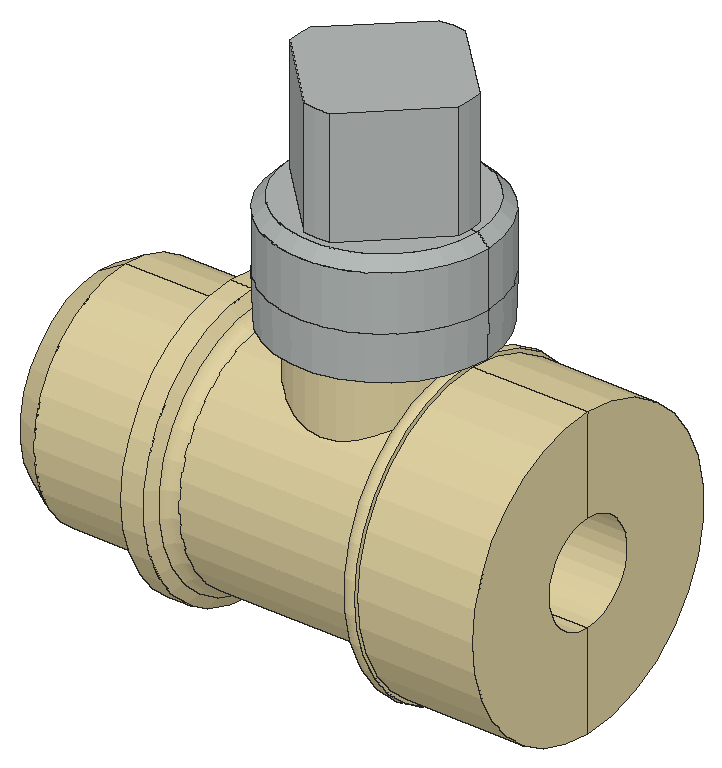
Revit family "QL23801015", category Apparecchi idraulici, Revit 2020
Family settings
  Quota connettore circolare = Usa diametro
  Tipo di parte = Normale
  Numero OmniClass = 23.45.00.00
  Titolo OmniClass = Sanitary, Laundry, and Cleaning Equipment
  Basato su piano di lavoro = No
  Sempre verticale = Sì
  Taglio con vuoti quando caricato = No
  Condiviso = No
  Punto di calcolo locali = No
Parameters
  URL = "https://web.cimberio.it/index.php/figura/153?subcategoria_id="
  Temperatura di esercizio = "-20 ÷ 90°C"
  Prospetto di default = 0 mm
  Produttore = "CIMBERIO SPA"
  Pressione nominale = "PN 16"
  Modello = "Cim 192"
  Materiale = "Prodotto in lega di ottone conforme alla norma EN 12165-CW617N-DW"
  Descrizione = "Realizzato in ottemperanza ai requisiti gestionali della norma EN ISO 9001.\r\nCollaudato al 100% secondo la normativa EN 12266-1.\r\nUtilizzato per impianti idraulici domestici e commerciali, impianti di riscaldamento come scarico caldaia"
  DN [instance] = 9 mm
  Type Comments = ""
Reference planes
  plane 1 "Centro (Fronte/Retro)": y = 0
  plane 2: z = 0
  plane 3 "Centro (Sinistra/Destra)": x = 0
Forms (mm)
  Revolve 1, solid, material "Cim_Lega di ottone gialla filetto"
    sketch origin (0, 0, 0) x (1, 0, 0) y (0, 0, 1)
      loop
        line (-26, 4.5) -> (-14, 4.5) -> (-14, 10.45) -> (-23.59, 10.45) -> (-26, 9.007) -> (-26, 4.5)
      axis (-26, 0) -> (-14, 0)
    angle from 0 to 360
  Revolve 2, solid, material "Cim_Lega di ottone gialla"
    sketch origin (0, 0, 0) x (1, 0, 0) y (0, 0, 1)
      loop
        line (-14, -4.5) -> (-14, -12.5) -> (-12, -12.5) -> (-11.423, -11.5)
        arc (-11.423, -11.5) -> (-10.874, -10.951) -> (-10.124, -10.75) r 1.5
        line (-10.124, -10.75) -> (5.412, -10.75) -> (6.711, -13)
        arc (6.711, -13) -> (7.277, -13.454) -> (8, -13.406) r 1
        line (8, -13.406) -> (8, -4.5) -> (-14, -4.5)
      axis (-14, 0) -> (8, 0)
    angle from 0 to 360
  Revolve 3, solid, material "Cim_Lega di ottone gialla filetto"
    sketch origin (0, 0, 0) x (1, 0, 0) y (0, 0, 1)
      loop
        line (8, 13.125) -> (8, 4.5) -> (18.552, 4.5) -> (18.552, 13.125) -> (8, 13.125)
      axis (8, 0) -> (18.552, 0)
    angle from 0 to 360
  Revolve 4, solid, material "Cim_Lega di ottone gialla"
    sketch origin (0, 0, 0) x (1, 0, 0) y (0, 0, 1)
      loop
        line (0, 18.3) -> (0, 7.255) -> (7.335, 7.255) -> (7.335, 16.85) -> (6.5, 16.85) -> (6.5, 18.3) -> (0, 18.3)
      axis (0, 18.3) -> (0, 7.255)
    angle from 0 to 360
  Revolve 5, solid, material "Cim_Lega di ottone"
    sketch origin (0, 0, 0) x (1, 0, 0) y (0, 0, 1)
      loop
        line (9.5, 18.3) -> (9.5, 23.3) -> (8.5, 24.3) -> (0, 24.3) -> (0, 14.3) -> (9.396, 14.3) -> (9.5, 18.3)
      axis (0, 24.3) -> (0, 14.3)
    angle from 0 to 360
  Extrusion 6, solid, material "Cim_Lega di ottone"
    sketch origin (0, 0, 0) x (1, 0, 0) y (0, 1, 0)
      loop
        arc (-7.707, 1.203) -> (-7.8, 0) -> (-7.707, -1.203) r 7.8
        line (-7.707, -1.203) -> (-1.203, -7.707)
        arc (-1.203, -7.707) -> (0, -7.8) -> (1.203, -7.707) r 7.8
        line (1.203, -7.707) -> (7.707, -1.203)
        arc (7.707, -1.203) -> (7.8, 0) -> (7.707, 1.203) r 7.8
        line (7.707, 1.203) -> (1.203, 7.707)
        arc (1.203, 7.707) -> (0, 7.8) -> (-1.203, 7.707) r 7.8
        line (-1.203, 7.707) -> (-7.707, 1.203)
    from 23.3 to 34.8
Dimensions and locks
  aligned and locked: level to plane 2
Connectors
  piping at (18.552, 0, 0), diameter 9, driven by "DN"
    settings: on Revolve 3, index 1, connector inside diameter 609.6 mm, connector length 0 mm, flow factor 0, pipe flow 0.0 L/s, pressure drop 0.0 Pa, fitting loss kfactor 0, connector angle 0.00°, fixture units 0, engagement length 0 mm, angle of deflection 0.00°, flow configuration 0, flow direction 0, fitting loss method 0, system type 7, joint type 0, gender type 0, connector reference index -1, connector utility 0, adjustable connector no, is connector primary yes, connector description ""
  piping at (-26, 0, 0), diameter 9, driven by "DN"
    settings: on Revolve 1, index 2, connector inside diameter 609.6 mm, connector length 0 mm, flow factor 0, pipe flow 0.0 L/s, pressure drop 0.0 Pa, fitting loss kfactor 0, connector angle 0.00°, fixture units 0, engagement length 0 mm, angle of deflection 0.00°, flow configuration 0, flow direction 0, fitting loss method 0, system type 7, joint type 0, gender type 0, connector reference index -1, connector utility 0, adjustable connector no, is connector primary no, connector description ""
